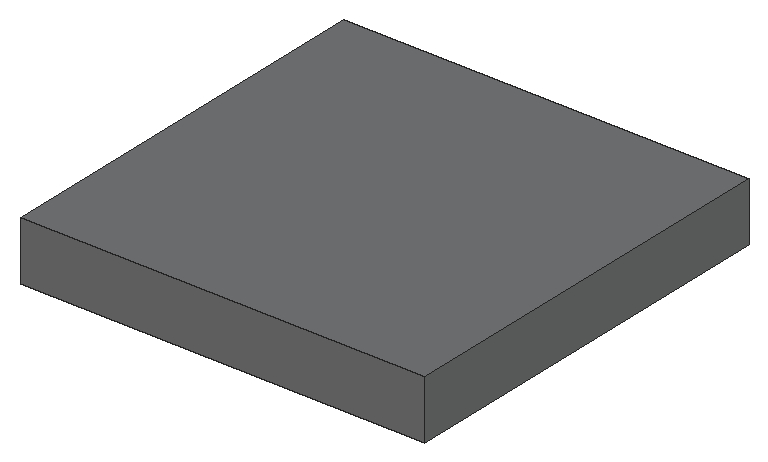
Revit family "Gira_5360005", category Electrical Fixtures, host Face, Revit 2017
Family settings
  Host = Face
  Maintain Annotation Orientation = No
  Round Connector Dimension = Use Diameter
  Part Type = Normal
  Cut with Voids When Loaded = No
  Shared = No
  Room Calculation Point = No
Parameters (values of type "S3000 Bedienaufs. System 55 Schwarz m")
  Werkstoffgüte = "sonstige"
  Werkstoff = "sonstige"
  URL = "http://katalog.gira.de/de_DE/datenblatt.html?artikelnr=5360005"
  Transparent = "No"
  Region = "DE"
  Oberfläche = "sonstige"
  Name = "S3000 Bedienaufs. System 55 Schwarz m"
  Mit LED-Anzeige = "No"
  Mit Abdeckung = "Yes"
  Manufacturer URL = "https://www.gira.de/"
  Keynote = "Sys55_Abdeckung_Schalten und Tasten"
  HeinzeBIM = "https://bimportal.heinze.de/bim/s3000-bedienaufs-system-55-schwarz-m/9350472b8185a9c71e4cde22d621a48e324d6a31"
  Halogenfrei = "Yes"
  HAN = "5360005"
  Geeignet für Schalteinsatz = "No"
  Geeignet für Jalousieeinsatz = "Yes"
  Geeignet für Dimmeinsatz = "No"
  GTIN = "4010337037453"
  Farbe = "schwarz"
  Default Elevation = 1219.2 mm
  Data sheet (1) = "https://katalog.gira.de/de_DE/download.html?artikelnr=5360005"
  Category = "Bedienelement intelligent"
  Available = "Yes"
  Ausführung der Oberfläche = "matt"
  Anzahl der Tasten = "1 "
  Anzahl der Betätigungspunkte = "2 "
  Anwendung = "Steuern elektrischer Verbraucher"
  Anthrazit [instance] = Anthrazit
Reference planes
  plane 1 "Center (Front/Back)": y = 0
  plane 2: z = 0
  plane 3 "Center (Left/Right)": x = 0
Forms (mm)
  Extrusion 1, solid, material "Anthrazit" <- "Anthrazit", detail levels fine
    sketch origin (0, 0, 0) x (1, 0, 0) y (0, 1, 0)
      loop
        line (-27.5, 27.5) -> (-27.5, -27.5) -> (27.5, -27.5) -> (27.5, 27.5) -> (-27.5, 27.5)
    from 0 to 8
  Extrusion 2, void
    sketch origin (0, 0, 0) x (1, 0, 0) y (0, 1, 0)
      loop
        line (26, 26) -> (-26, 26) -> (-26, -26) -> (26, -26) -> (26, 26)
    from 0 to 6
  Extrusion 3, solid, material "Anthrazit" <- "Anthrazit", detail levels medium
    sketch origin (0, 0, 0) x (1, 0, 0) y (0, 1, 0)
      loop
        line (-27.5, 27.5) -> (-27.5, -27.5) -> (27.5, -27.5) -> (27.5, 27.5) -> (-27.5, 27.5)
    from 0 to 8
  Extrusion 4, solid, material "Anthrazit" <- "Anthrazit", detail levels medium
    sketch origin (0, 0, 0) x (1, 0, 0) y (0, 1, 0)
      loop
        line (11, -17.5) -> (11, 17.5) -> (-11, 17.5) -> (-11, -17.5) -> (11, -17.5)
    from -6 to 6
  Extrusion 5, solid, material "Anthrazit" <- "Anthrazit", detail levels fine
    sketch origin (0, 0, 0) x (1, 0, 0) y (0, 1, 0)
      loop
        line (11, 17.5) -> (-11, 17.5) -> (-11, 16.5) -> (11, 16.5) -> (11, 17.5)
      loop
        line (-11, -16.5) -> (-11, -17.5) -> (11, -17.5) -> (11, -16.5) -> (-11, -16.5)
    from -4 to 6
  Extrusion 6, solid, material "Anthrazit" <- "Anthrazit", detail levels fine
    sketch origin (0, 0, 0) x (1, 0, 0) y (0, 1, 0)
      loop
        arc (5, 9.347) -> (0, 10.6) -> (-5, 9.347) r 10.6
        line (-5, 9.347) -> (-5, -9.347)
        arc (-5, -9.347) -> (0, -10.6) -> (5, -9.347) r 10.6
        line (5, -9.347) -> (5, 9.347)
    from -6 to 6
  Extrusion 7, solid, material "Anthrazit" <- "Anthrazit", detail levels coarse
    sketch origin (0, 0, 0) x (1, 0, 0) y (0, 1, 0)
      loop
        line (-27.5, 27.5) -> (-27.5, -27.5) -> (27.5, -27.5) -> (27.5, 27.5) -> (-27.5, 27.5)
    from -6 to 8
Cuts and joins
  Extrusion 2 cuts Extrusion 1
Dimensions and locks
  aligned and locked: plane 2 to host face
  aligned and locked: level to host face
